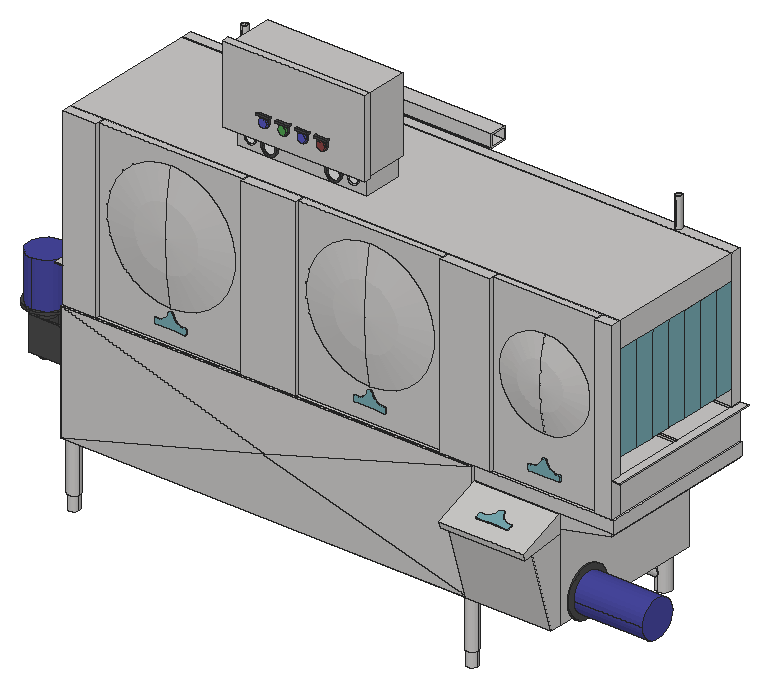
Revit family (continued)
Lines and regions (in)
  symbolic lines, visible <- "Standard Doors"
    curve 44: line (68.89022, -72.65916, 0) -> (85.14022, -72.65916, 0)
    curve 48: line (61.07772, -72.65916, 0) -> (38.57772, -72.65916, 0)
    curve 52: line (7.57772, -72.65916, 0) -> (30.07772, -72.65916, 0)
  symbolic lines, visible <- "Swing Doors"
    curve 53: line (28.26522, -73.15916, 55.5) -> (28.26522, -74.28416, 55.5)
    curve 54: line (29.01522, -73.15916, 55.5) -> (29.01522, -74.28416, 55.5)
    curve 55: arc (29.01522, -74.28416, 55.5) -> (28.64022, -74.65916, 55.5) -> (28.26522, -74.28416, 55.5) r 0.375
    curve 56: line (39.64022, -73.15916, 55.5) -> (39.64022, -74.28416, 55.5)
    curve 57: line (40.39022, -73.15916, 55.5) -> (40.39022, -74.28416, 55.5)
    curve 58: arc (40.39022, -74.28416, 55.5) -> (40.01522, -74.65916, 55.5) -> (39.64022, -74.28416, 55.5) r 0.375
    curve 59: line (69.95272, -73.15916, 55.5) -> (69.95272, -74.28416, 55.5)
    curve 60: line (70.70272, -73.15916, 55.5) -> (70.70272, -74.28416, 55.5)
    curve 61: arc (70.70272, -74.28416, 55.5) -> (70.32772, -74.65916, 55.5) -> (69.95272, -74.28416, 55.5) r 0.375
  symbolic lines, style "QF_Clearances", visible <- "Swing Doors", detail levels coarse
    curve 62: line (7.57772, -95.65916, 55.5) -> (7.57772, -73.15916, 55.5)
    curve 63: arc (7.57772, -95.65916, 55.5) -> (23.48762, -89.06906, 55.5) -> (30.07772, -73.15916, 55.5) r 22.5
    curve 64: line (61.07772, -95.65916, 55.5) -> (61.07772, -73.15916, 55.5)
    curve 65: arc (61.07772, -95.65916, 55.5) -> (45.16782, -89.06906, 55.5) -> (38.57772, -73.15916, 55.5) r 22.5
    curve 66: line (85.14022, -89.40916, 55.5) -> (85.14022, -73.15916, 55.5)
    curve 67: arc (85.14022, -89.40916, 55.5) -> (73.64973, -84.64964, 55.5) -> (68.89022, -73.15916, 55.5) r 16.25
  symbolic lines, style "QF_Surface Details"
    curve 68: line (54.36679, -55.13843, 52.4375) -> (25.36679, -55.13843, 52.4375)
    curve 69: line (25.36679, -55.13843, 52.4375) -> (29.86679, -52.64404, 52.4375)
    curve 70: line (25.36679, -55.13843, 52.4375) -> (29.86679, -57.63282, 52.4375)
Dimensions and locks (in)
  "Depth": plane 6 "FRONT" to plane 3 "BACK"
  locked: plane 2 "LEFT" to plane 7 "Left of Top" at 0.25
  locked: plane 8 "Right of Top" to plane 5 "Right of Main Body" at 0.25
  locked: plane 9 "Left of Ledge" to plane 7 "Left of Top" at 1.5
  locked: plane 12 "Bottom of Machine" to level at 10
  "Table Height": plane 13 "Table Height" to level
  "Machine Height": plane 14 "Top of Machine" to level
  "Total Height": plane 4 "TOP" to level
  locked: plane 16 to plane 12 "Bottom of Machine" at 2
  locked: plane 13 "Table Height" to plane 15 "Panel Top" at 5.5
  locked: plane 6 "FRONT" to plane 17 at 0.5
  locked: plane 3 "BACK" to plane 18 at 0.5
  locked: plane 19 to plane 2 "LEFT" at 0.25
  locked: plane 3 "BACK" to plane 20 at 1.625
  locked: plane 6 "FRONT" to plane 21 at 1.625
  equal spacing: plane 2 "LEFT", plane 22 "Door Center", plane 5 "Right of Main Body"
  "24 Door Opening": plane 23 to plane 24
  locked: plane 14 "Top of Machine" to plane 25 "Top of Opening" at 4
  locked: plane 22 "Door Center" to Blend 10 sketch curve at 0.03125  (x2)
  locked: Extrusion 13 sketch curve to plane 21 at 1.125
  locked: plane 26 to level at 2.25
  plane 19 to Extrusion 14 sketch curve = 0' - 1 1/4"
  plane 18 to Extrusion 14 sketch curve = 0' - 1 1/2"
  locked: plane 18 to Extrusion 15 sketch curve at 1.5
  locked: plane 19 to Extrusion 15 sketch curve at 1.25
  locked: plane 18 to Extrusion 16 sketch curve at 1.5
  locked: plane 18 to Extrusion 17 sketch curve at 1.5
  locked: Extrusion 20 sketch curve to plane 17 at 1.5
  locked: Extrusion 21 sketch curve to plane 17 at 1.5
  locked: Extrusion 18 sketch curve to plane 17 at 1.5
  locked: plane 19 to Extrusion 18 sketch curve at 1.25
  locked: Extrusion 19 sketch curve to plane 17 at 1.5
  locked: plane 19 to Extrusion 19 sketch curve at 1.25
  locked: plane 27 to plane 22 "Door Center" at 10
  locked: plane 27 to plane 28 at 20
  locked: plane 29 to plane 22 "Door Center" at 11
  locked: plane 29 to plane 30 at 22
  plane 31 "Front of Lower Panel" to plane 6 "FRONT" = 0' - 6.65916"
  locked: plane 32 to plane 31 "Front of Lower Panel" at 6
  locked: plane 33 to plane 6 "FRONT" at 6
  locked: plane 34 "Back of Panel" to plane 33 at 7
  locked: plane 33 to plane 35 "Front of Upper Panel" at 1
  locked: plane 29 to plane 36 at 0.5
  locked: plane 37 to plane 30 at 0.5
  locked: Extrusion 27 sketch curve to plane 27 at 5
  locked: Extrusion 27 sketch curve to plane 14 "Top of Machine" at 1.5
  locked: Extrusion 28 sketch curve to plane 27 at 2
  locked: Extrusion 28 sketch curve to plane 14 "Top of Machine" at 1.75
  locked: Extrusion 31 sketch curve to plane 28 at 5
  locked: Extrusion 31 sketch curve to plane 14 "Top of Machine" at 1.5
  locked: Extrusion 32 sketch curve to plane 28 at 2
  locked: Extrusion 32 sketch curve to plane 14 "Top of Machine" at 1.75
  locked: Extrusion 41 sketch curve to plane 15 "Panel Top" at 4.12493
  locked: plane 10 "Left End Cowl" to plane 38 at 0.125
  locked: plane 39 to plane 11 at 3.875
  locked: plane 40 to plane 41 at 24.875
  locked: plane 41 to plane 6 "FRONT" at 0.0625
  plane 42 "Top of Vents" to plane 14 "Top of Machine" = 0' - 4"
  locked: Extrusion 46 sketch curve to plane 3 "BACK" at 0.75
  locked: plane 43 to plane 22 "Door Center" at 14.5
  locked: plane 43 to plane 44 at 29
  locked: plane 46 to plane 14 "Top of Machine" at 2
  locked: plane 45 to plane 3 "BACK" at 3
  Extrusion 49 sketch curve to plane 14 "Top of Machine" = 1' - 1"
  locked: plane 30 to Extrusion 49 sketch curve at 1
  locked: plane 47 to plane 3 "BACK" at 5
  locked: plane 48 to plane 14 "Top of Machine" at 29
  "24 Door Opening": plane 50 to plane 51
  locked: Extrusion 60 sketch curve to plane 3 "BACK" at 0.75
  locked: plane 2 "LEFT" to Extrusion 50 sketch curve at 16.5
  locked: plane 2 "LEFT" to Extrusion 46 sketch curve at 9
  locked: plane 54 to plane 52 at 0.125
  locked: plane 53 to plane 55 at 3.875
  "Width": plane 2 "LEFT" to plane 56 "RIGHT"
  locked: plane 57 to plane 58 at 1.5
  plane 62 "Drain" to plane 3 "BACK" = 0' - 3"
  plane 2 "LEFT" to Extrusion 61 sketch curve = 6' - 4"
  plane 2 "LEFT" to Extrusion 60 sketch curve = 2' - 5"
  Extrusion 100 sketch curve to plane 56 "RIGHT" = 0' - 9"
  locked: plane 5 "Right of Main Body" to plane 56 "RIGHT" at 21.5
  locked: plane 2 "LEFT" to plane 23 at 5.25
  plane 51 to plane 5 "Right of Main Body" = 0' - 5 1/4"
  locked: plane 61 to plane 56 "RIGHT" at 2.6875
  "18 Door Opening": plane 60 to plane 61
  locked: plane 23 to plane 69 at 0.25
  locked: plane 70 to plane 24 at 0.125
  locked: plane 71 to plane 24 at 1.4375
  locked: plane 50 to plane 65 at 0.125
  locked: plane 50 to plane 67 at 1.4375
  locked: plane 63 to plane 51 at 0.25
  locked: plane 60 to plane 66 at 0.125
  locked: plane 60 to plane 68 at 1.4375
  locked: plane 64 to plane 61 at 0.25
  locked: plane 55 to plane 54 at 2.9375
  locked: plane 56 "RIGHT" to plane 52 at 10
  locked: plane 38 to plane 39 at 2.9375
  plane 10 "Left End Cowl" to plane 2 "LEFT" = 0' - 10"
  aligned and locked: level to plane 1
  aligned and locked: Extrusion 1 sketch curve to plane 18
  aligned and locked: Extrusion 1 sketch curve to plane 19
  aligned: Extrusion 1 to plane 12 "Bottom of Machine"
  aligned: plane 16 to Extrusion 1
  aligned and locked: plane 2 "LEFT" to Extrusion 2 sketch curve
  aligned and locked: Extrusion 2 sketch curve to plane 5 "Right of Main Body"
  aligned and locked: plane 6 "FRONT" to Extrusion 2 sketch curve
  aligned and locked: plane 3 "BACK" to Extrusion 2 sketch curve
  aligned and locked: plane 15 "Panel Top" to Extrusion 2
  aligned and locked: Extrusion 2 to plane 16
  aligned and locked: plane 2 "LEFT" to Extrusion 3 sketch curve
  aligned and locked: Extrusion 3 sketch curve to plane 6 "FRONT"
  aligned and locked: Extrusion 3 sketch curve to plane 9 "Left of Ledge"
  aligned and locked: Extrusion 3 sketch curve to plane 3 "BACK"
  aligned: plane 5 "Right of Main Body" to Extrusion 4 sketch curve
  aligned and locked: plane 6 "FRONT" to Extrusion 4 sketch curve
  aligned and locked: plane 3 "BACK" to Extrusion 4 sketch curve
  aligned and locked: plane 3 "BACK" to Extrusion 5 sketch curve
  aligned and locked: Extrusion 5 sketch curve to plane 21
  aligned and locked: Extrusion 5 to plane 15 "Panel Top"
  aligned and locked: plane 3 "BACK" to Extrusion 6 sketch curve
  aligned and locked: plane 20 to Extrusion 6 sketch curve
  aligned and locked: plane 2 "LEFT" to Extrusion 7 sketch curve
  aligned and locked: Extrusion 7 sketch curve to plane 21
  aligned and locked: Extrusion 7 sketch curve to plane 20
  aligned and locked: plane 3 "BACK" to Extrusion 8 sketch curve
  aligned and locked: plane 20 to Extrusion 8 sketch curve
  aligned and locked: plane 2 "LEFT" to Extrusion 8 sketch curve
  aligned and locked: Extrusion 8 to plane 13 "Table Height"
  aligned and locked: Extrusion 7 to plane 25 "Top of Opening"
  aligned and locked: Extrusion 9 sketch curve to plane 23
  aligned and locked: plane 2 "LEFT" to Extrusion 9 sketch curve
  aligned and locked: plane 15 "Panel Top" to Extrusion 9 sketch curve
  aligned and locked: Extrusion 9 to plane 21
  aligned and locked: Extrusion 9 sketch curve to plane 14 "Top of Machine"
  aligned and locked: plane 2 "LEFT" to Blend 10 sketch curve
  aligned and locked: plane 12 "Bottom of Machine" to Blend 10 sketch curve
  aligned and locked: Blend 10 sketch curve to plane 15 "Panel Top"
  aligned and locked: Blend 10 sketch curve to plane 5 "Right of Main Body"
  aligned and locked: plane 6 "FRONT" to Extrusion 1 sketch curve
  aligned and locked: plane 2 "LEFT" to Extrusion 11 sketch curve
  aligned and locked: Extrusion 11 sketch curve to plane 6 "FRONT"
  aligned: plane 17 to Extrusion 11 sketch curve
  aligned and locked: Extrusion 11 sketch curve to plane 5 "Right of Main Body"
  aligned: Extrusion 11 to plane 12 "Bottom of Machine"
  aligned: plane 15 "Panel Top" to Extrusion 11
  aligned and locked: Extrusion 12 sketch curve to plane 14 "Top of Machine"
  aligned and locked: plane 15 "Panel Top" to Extrusion 12 sketch curve
  aligned and locked: Extrusion 12 to plane 21
  aligned and locked: Extrusion 13 sketch curve to plane 24
  aligned and locked: plane 21 to Extrusion 13 sketch curve
  aligned and locked: plane 23 to Extrusion 13 sketch curve
  aligned and locked: Extrusion 13 to plane 15 "Panel Top"
  aligned and locked: plane 26 to Extrusion 14
  aligned and locked: Extrusion 15 to plane 26
  aligned and locked: plane 12 "Bottom of Machine" to Extrusion 15
  aligned and locked: plane 21 to Extrusion 22 sketch curve
  aligned: plane 5 "Right of Main Body" to Extrusion 22 sketch curve  (x7)
  aligned and locked: plane 20 to Extrusion 22 sketch curve
  aligned and locked: plane 2 "LEFT" to Extrusion 23 sketch curve  (x7)
  aligned and locked: Extrusion 23 sketch curve to plane 20
  aligned and locked: Extrusion 23 sketch curve to plane 21
  aligned and locked: Extrusion 24 sketch curve to plane 32
  aligned and locked: plane 31 "Front of Lower Panel" to Extrusion 24 sketch curve
  aligned and locked: plane 27 to Extrusion 24 sketch curve
  aligned and locked: plane 28 to Extrusion 24 sketch curve
  aligned and locked: Extrusion 25 sketch curve to plane 34 "Back of Panel"
  aligned and locked: plane 33 to Extrusion 25 sketch curve
  aligned and locked: plane 36 to Extrusion 25 sketch curve
  aligned and locked: Extrusion 25 sketch curve to plane 37
  aligned and locked: Extrusion 26 sketch curve to plane 33
  aligned and locked: plane 35 "Front of Upper Panel" to Extrusion 26 sketch curve
  aligned and locked: plane 29 to Extrusion 26 sketch curve
  aligned and locked: Extrusion 26 sketch curve to plane 30
  aligned and locked: Extrusion 29 sketch curve to Extrusion 28  (x2)
  aligned and locked: Extrusion 30 sketch curve to Extrusion 27  (x2)
  aligned and locked: Extrusion 33 sketch curve to Extrusion 32  (x2)
  aligned and locked: Extrusion 34 sketch curve to Extrusion 31  (x2)
  aligned and locked: Extrusion 42 sketch curve to plane 3 "BACK"
  aligned and locked: plane 14 "Top of Machine" to Extrusion 42 sketch curve
  aligned and locked: Extrusion 42 sketch curve to plane 20
  aligned and locked: plane 6 "FRONT" to Extrusion 42 sketch curve
  aligned and locked: Extrusion 42 sketch curve to plane 21
  aligned and locked: Extrusion 42 to plane 38
  aligned and locked: plane 38 to Extrusion 43
  aligned and locked: Extrusion 44 sketch curve to plane 40
  aligned and locked: plane 39 to Extrusion 44 sketch curve
  aligned and locked: Extrusion 44 sketch curve to plane 11
  aligned and locked: plane 41 to Extrusion 44 sketch curve
  aligned and locked: plane 42 "Top of Vents" to Extrusion 44
  aligned and locked: Extrusion 45 sketch curve to Extrusion 44  (x4)
  aligned and locked: Extrusion 47 to plane 43
  aligned and locked: Extrusion 47 to plane 44
  aligned and locked: Extrusion 48 to plane 44
  aligned and locked: Extrusion 48 to plane 43
  aligned and locked: plane 2 "LEFT" to curve 2
  aligned and locked: plane 3 "BACK" to curve 1
  aligned and locked: plane 6 "FRONT" to curve 3
  aligned and locked: curve 6 to plane 10 "Left End Cowl"
  aligned and locked: curve 7 to plane 6 "FRONT"
  aligned and locked: plane 43 to curve 8
  aligned and locked: plane 44 to curve 10
  aligned and locked: curve 9 to plane 45
  aligned and locked: curve 13 to plane 34 "Back of Panel"
  aligned and locked: plane 33 to curve 15
  aligned and locked: plane 36 to curve 14
  aligned and locked: curve 16 to plane 37
  aligned and locked: plane 29 to curve 20
  aligned and locked: plane 35 "Front of Upper Panel" to curve 19
  aligned and locked: curve 18 to plane 30
  aligned and locked: curve 22 to plane 40
  aligned and locked: curve 25 to plane 11
  aligned and locked: plane 39 to curve 23
  aligned and locked: plane 41 to curve 24
  aligned and locked: Extrusion 51 sketch curve to plane 18  (x2)
  aligned and locked: plane 47 to Extrusion 51 sketch curve
  aligned and locked: plane 44 to Extrusion 51 sketch curve
  aligned and locked: Extrusion 51 sketch curve to plane 45
  aligned and locked: plane 43 to Extrusion 51 sketch curve
  aligned: plane 42 "Top of Vents" to Extrusion 51
  aligned: plane 4 "TOP" to Extrusion 51
  aligned and locked: plane 14 "Top of Machine" to Extrusion 52 sketch curve
  aligned and locked: Extrusion 52 sketch curve to plane 24
  aligned and locked: plane 23 to Extrusion 52 sketch curve
  aligned and locked: Extrusion 52 sketch curve to plane 48
  aligned and locked: Extrusion 52 to plane 21
  aligned and locked: Extrusion 51 sketch curve to plane 9 "Left of Ledge"
  aligned and locked: plane 10 "Left End Cowl" to Extrusion 53 sketch curve
  aligned and locked: plane 18 to Extrusion 53 sketch curve
  aligned and locked: Extrusion 53 sketch curve to plane 9 "Left of Ledge"
  aligned and locked: Extrusion 53 sketch curve to plane 47
  aligned and locked: plane 4 "TOP" to Extrusion 53
  aligned and locked: plane 10 "Left End Cowl" to curve 26
  aligned and locked: Extrusion 55 sketch curve to plane 51
  aligned and locked: plane 50 to Extrusion 55 sketch curve
  aligned and locked: Extrusion 57 sketch curve to plane 51
  aligned and locked: plane 50 to Extrusion 57 sketch curve
  aligned and locked: plane 51 to Extrusion 12 sketch curve
  aligned and locked: plane 24 to Extrusion 59 sketch curve
  aligned and locked: Extrusion 59 sketch curve to plane 50
  aligned and locked: Extrusion 59 sketch curve to plane 14 "Top of Machine"
  aligned and locked: plane 15 "Panel Top" to Extrusion 59 sketch curve
  aligned and locked: Extrusion 59 to plane 21
  aligned and locked: Extrusion 59 to plane 6 "FRONT"
  aligned and locked: Extrusion 62 sketch curve to Extrusion 50  (x2)
  aligned and locked: Extrusion 63 sketch curve to Extrusion 61  (x2)
  aligned and locked: Extrusion 67 sketch curve to Extrusion 65
  aligned and locked: Blend 68 sketch curve to Extrusion 67  (x2)
  aligned and locked: Extrusion 77 sketch curve to Extrusion 75  (x2)
  aligned and locked: Extrusion 82 to plane 54
  aligned and locked: plane 54 to Extrusion 81
  aligned and locked: Extrusion 83 sketch curve to plane 53
  aligned and locked: plane 55 to Extrusion 83 sketch curve
  aligned and locked: plane 53 to nested 2
  aligned and locked: plane 55 to nested 2
  aligned and locked: curve 30 to plane 52
  aligned and locked: curve 35 to plane 55
  aligned and locked: plane 53 to curve 33
  aligned and locked: Extrusion 84 sketch curve to plane 52
  aligned and locked: curve 37 to plane 52
  aligned and locked: Extrusion 6 sketch curve to plane 56 "RIGHT"  (x2)
  aligned and locked: Extrusion 5 sketch curve to plane 56 "RIGHT"
  aligned and locked: Extrusion 12 sketch curve to plane 60
  aligned and locked: plane 2 "LEFT" to Extrusion 5 sketch curve
  aligned and locked: plane 2 "LEFT" to Extrusion 6 sketch curve  (x2)
  aligned and locked: Extrusion 7 sketch curve to plane 56 "RIGHT"
  aligned and locked: Extrusion 8 sketch curve to plane 56 "RIGHT"
  aligned and locked: plane 3 "BACK" to Extrusion 85 sketch curve
  aligned and locked: plane 21 to Extrusion 110 sketch curve
  aligned and locked: plane 69 to Extrusion 110 sketch curve
  aligned and locked: plane 6 "FRONT" to Extrusion 110 sketch curve
  aligned and locked: Extrusion 110 sketch curve to plane 70
  aligned and locked: plane 21 to Extrusion 111 sketch curve
  aligned and locked: plane 6 "FRONT" to Extrusion 111 sketch curve
  aligned and locked: Extrusion 111 sketch curve to plane 63
  aligned and locked: plane 65 to Extrusion 111 sketch curve
  aligned and locked: plane 21 to Extrusion 112 sketch curve
  aligned and locked: plane 6 "FRONT" to Extrusion 112 sketch curve
  aligned and locked: Extrusion 112 sketch curve to plane 64
  aligned and locked: plane 66 to Extrusion 112 sketch curve
  aligned and locked: Extrusion 110 to plane 15 "Panel Top"
  aligned and locked: Extrusion 111 to plane 15 "Panel Top"
  aligned and locked: Extrusion 112 to plane 15 "Panel Top"
  aligned and locked: plane 23 to curve 62
  aligned and locked: plane 51 to curve 64
  aligned and locked: plane 61 to curve 66
  aligned and locked: plane 2 "LEFT" to cut or joined group of Extrusion 42, Extrusion 45
  aligned and locked: plane 58 to Extrusion 84
Automatic sketch dimensions
  Extrusion 35 sketch curve to Extrusion 35 sketch curve = 0' - 1"  (x3)
  Extrusion 35 sketch curve to Extrusion 35 sketch curve = 0' - 2"  (x4)
  Extrusion 35 sketch curve to Extrusion 35 sketch curve = 0' - 0 1/4"  (x5)
  Extrusion 35 sketch curve to Extrusion 35 sketch curve = 0' - 0"  (x2)
  Extrusion 40 sketch curve to Extrusion 40 sketch curve = 0' - 1 1/2"  (x3)
  Extrusion 40 sketch curve to Extrusion 40 sketch curve = 0' - 0 3/4"  (x4)
  Extrusion 40 sketch curve to Extrusion 40 sketch curve = 0' - 0"  (x3)
  Extrusion 40 sketch curve to Extrusion 40 sketch curve = 0' - 0 7/8"  (x4)
  Extrusion 92 sketch curve to Extrusion 92 sketch curve = 0' - 0.24812"
  Extrusion 92 sketch curve to Extrusion 92 sketch curve = 0' - 2 11/16"
  Extrusion 92 sketch curve to Extrusion 92 sketch curve = 0' - 1.04649"
  Extrusion 93 sketch curve to Extrusion 93 sketch curve = 0' - 0.25142"  (x2)
  Extrusion 93 sketch curve to Extrusion 93 sketch curve = 0' - 0.25483"
  Extrusion 93 sketch curve to Extrusion 93 sketch curve = 0' - 0.30345"
  Extrusion 93 sketch curve to Extrusion 93 sketch curve = 0' - 1.63184"  (x2)
  Extrusion 93 sketch curve to Extrusion 93 sketch curve = 0' - 1.52338"
  Extrusion 93 sketch curve to Extrusion 93 sketch curve = 0' - 0.41934"
  Extrusion 93 sketch curve to Extrusion 93 sketch curve = 0' - 0.42496"
  Extrusion 93 sketch curve to Extrusion 93 sketch curve = 0' - 0"  (x2)
  Extrusion 93 sketch curve to Extrusion 93 sketch curve = 0' - 1.22253"
  Extrusion 93 sketch curve to Extrusion 93 sketch curve = 0' - 1.51845"
  Extrusion 93 sketch curve to Extrusion 93 sketch curve = 0' - 0.00341"
  Extrusion 93 sketch curve to Extrusion 93 sketch curve = 0' - 0.34808"
  Extrusion 93 sketch curve to Extrusion 93 sketch curve = 0' - 0.48493"  (x2)
  Extrusion 93 sketch curve to Extrusion 93 sketch curve = 0' - 0.08323"
  Extrusion 93 sketch curve to Extrusion 93 sketch curve = 0' - 11.98442"
  Extrusion 91 sketch curve to Extrusion 91 sketch curve = 0' - 3.69119"
  Extrusion 91 sketch curve to Extrusion 91 sketch curve = 0' - 5.50369"
  Extrusion 91 sketch curve to Extrusion 91 sketch curve = 0' - 0.73915"
  Extrusion 91 sketch curve to Extrusion 91 sketch curve = 1' - 0 13/16"
  Extrusion 92 sketch curve to Extrusion 92 sketch curve = 0' - 6.75188"
  Extrusion 92 sketch curve to Extrusion 92 sketch curve = 0' - 0.13971"
  Extrusion 93 sketch curve to Extrusion 93 sketch curve = 0' - 0.61126"
  Extrusion 102 sketch curve to Extrusion 102 sketch curve = 0' - 0.24812"
  Extrusion 102 sketch curve to Extrusion 102 sketch curve = 0' - 2 11/16"
  Extrusion 102 sketch curve to Extrusion 102 sketch curve = 0' - 1.04649"
  Extrusion 103 sketch curve to Extrusion 103 sketch curve = 0' - 0.25142"  (x2)
  Extrusion 103 sketch curve to Extrusion 103 sketch curve = 0' - 0.25483"
  Extrusion 103 sketch curve to Extrusion 103 sketch curve = 0' - 0.30345"
  Extrusion 103 sketch curve to Extrusion 103 sketch curve = 0' - 1.63184"  (x2)
  Extrusion 103 sketch curve to Extrusion 103 sketch curve = 0' - 1.52338"
  Extrusion 103 sketch curve to Extrusion 103 sketch curve = 0' - 0.41934"
  Extrusion 103 sketch curve to Extrusion 103 sketch curve = 0' - 0.42496"
  Extrusion 103 sketch curve to Extrusion 103 sketch curve = 0' - 0"  (x2)
  Extrusion 103 sketch curve to Extrusion 103 sketch curve = 0' - 1.22253"
  Extrusion 103 sketch curve to Extrusion 103 sketch curve = 0' - 1.51845"
  Extrusion 103 sketch curve to Extrusion 103 sketch curve = 0' - 0.00341"
  Extrusion 103 sketch curve to Extrusion 103 sketch curve = 0' - 0.34808"
  Extrusion 103 sketch curve to Extrusion 103 sketch curve = 0' - 0.48493"  (x2)
  Extrusion 103 sketch curve to Extrusion 103 sketch curve = 0' - 0.08323"
  Extrusion 103 sketch curve to Extrusion 103 sketch curve = 0' - 11.98442"
  Extrusion 101 sketch curve to Extrusion 101 sketch curve = 0' - 3.69119"
  Extrusion 101 sketch curve to Extrusion 101 sketch curve = 0' - 5.50369"
  Extrusion 101 sketch curve to Extrusion 101 sketch curve = 0' - 0.73915"
  Extrusion 101 sketch curve to Extrusion 101 sketch curve = 1' - 0 13/16"
  Extrusion 102 sketch curve to Extrusion 102 sketch curve = 0' - 6.75188"
  Extrusion 102 sketch curve to Extrusion 102 sketch curve = 0' - 0.13971"
  Extrusion 103 sketch curve to Extrusion 103 sketch curve = 0' - 0.61126"
  Extrusion 104 sketch curve to Extrusion 104 sketch curve = 0' - 1"  (x3)
  Extrusion 104 sketch curve to Extrusion 104 sketch curve = 0' - 2"  (x4)
  Extrusion 104 sketch curve to Extrusion 104 sketch curve = 0' - 0 1/4"  (x5)
  Extrusion 104 sketch curve to Extrusion 104 sketch curve = 0' - 0"  (x2)
  Extrusion 109 sketch curve to Extrusion 109 sketch curve = 0' - 1 1/2"  (x3)
  Extrusion 109 sketch curve to Extrusion 109 sketch curve = 0' - 0 3/4"  (x4)
  Extrusion 109 sketch curve to Extrusion 109 sketch curve = 0' - 0"  (x3)
  Extrusion 109 sketch curve to Extrusion 109 sketch curve = 0' - 0 7/8"  (x4)
  plane 5 "Right of Main Body" to Extrusion 1 sketch curve = 0' - 0 1/4"
  Extrusion 4 sketch curve to plane 58 = 0' - 0"
  Extrusion 4 sketch curve to plane 56 "RIGHT" = 0' - 0"
  Extrusion 6 sketch curve to plane 34 "Back of Panel" = 0' - 0.09084"
  Extrusion 6 sketch curve to plane 32 = 0' - 0 1/4"
  plane 17 to Extrusion 11 sketch curve = 0' - 0.15916"
  Extrusion 16 sketch curve to plane 8 "Right of Top" = 0' - 0 3/4"
  Extrusion 17 sketch curve to plane 8 "Right of Top" = 0' - 0 3/4"
  plane 8 "Right of Top" to Extrusion 20 sketch curve = 0' - 0 3/4"
  plane 8 "Right of Top" to Extrusion 21 sketch curve = 0' - 0 3/4"
  Extrusion 22 sketch curve to plane 56 "RIGHT" = 0' - 0"  (x7)
  Extrusion 22 sketch curve to plane 35 "Front of Upper Panel" = 0' - 0 3/8"
  Extrusion 22 sketch curve to Extrusion 22 sketch curve = 0' - 0 1/8"  (x6)
  plane 31 "Front of Lower Panel" to Extrusion 22 sketch curve = 0' - 1 1/4"
  Extrusion 22 sketch curve to plane 32 = 0' - 1 5/8"
  Extrusion 22 sketch curve to plane 56 "RIGHT" = 0' - 0 1/8"  (x7)
  plane 34 "Back of Panel" to Extrusion 22 sketch curve = 0' - 1"
  Extrusion 22 sketch curve to Extrusion 22 sketch curve = 0' - 3"
  Extrusion 22 sketch curve to plane 62 "Drain" = 0' - 1 3/4"
  plane 35 "Front of Upper Panel" to Extrusion 23 sketch curve = 0' - 0 3/8"
  Extrusion 23 sketch curve to Extrusion 23 sketch curve = 0' - 0 1/8"  (x6)
  Extrusion 23 sketch curve to plane 31 "Front of Lower Panel" = 0' - 1 1/4"
  plane 32 to Extrusion 23 sketch curve = 0' - 1 5/8"
  Extrusion 23 sketch curve to plane 2 "LEFT" = 0' - 0 1/8"  (x7)
  Extrusion 23 sketch curve to plane 34 "Back of Panel" = 0' - 1"
  Extrusion 23 sketch curve to Extrusion 23 sketch curve = 0' - 3"
  plane 62 "Drain" to Extrusion 23 sketch curve = 0' - 1 3/4"
  Extrusion 27 sketch curve to Extrusion 27 sketch curve = 0' - 0"  (x2)
  Extrusion 28 sketch curve to Extrusion 28 sketch curve = 0' - 0"  (x2)
  Extrusion 31 sketch curve to Extrusion 31 sketch curve = 0' - 0"  (x2)
  Extrusion 32 sketch curve to Extrusion 32 sketch curve = 0' - 0"  (x2)
  plane 41 to Extrusion 44 sketch curve = 0' - 0 1/8"
  Extrusion 44 sketch curve to plane 40 = 0' - 0 1/8"
  Extrusion 44 sketch curve to plane 11 = 0' - 0 1/8"
  plane 39 to Extrusion 44 sketch curve = 0' - 0 1/8"
  Extrusion 46 sketch curve to Extrusion 46 sketch curve = 0' - 0"  (x2)
  Extrusion 47 sketch curve to plane 46 = 0' - 0"
  Extrusion 47 sketch curve to plane 14 "Top of Machine" = 0' - 0"
  Extrusion 47 sketch curve to plane 45 = 0' - 0"
  Extrusion 47 sketch curve to plane 45 = 0' - 0 1/8"
  Extrusion 47 sketch curve to plane 18 = 0' - 0 1/8"
  Extrusion 47 sketch curve to Extrusion 47 sketch curve = 0' - 0 1/8"
  plane 14 "Top of Machine" to Extrusion 47 sketch curve = 0' - 0 1/8"
  Extrusion 47 sketch curve to plane 46 = 0' - 0 1/8"
  Extrusion 48 sketch curve to plane 3 "BACK" = 0' - 0"
  Extrusion 48 sketch curve to plane 14 "Top of Machine" = 0' - 0"
  Extrusion 48 sketch curve to plane 3 "BACK" = 0' - 0 1/4"
  Extrusion 48 sketch curve to Extrusion 48 sketch curve = 0' - 0 1/8"
  Extrusion 50 sketch curve to Extrusion 50 sketch curve = 0' - 0"  (x2)
  Extrusion 50 sketch curve to plane 62 "Drain" = 0' - 0"
  Extrusion 51 sketch curve to plane 58 = 0' - 0"
  Extrusion 57 sketch curve to plane 14 "Top of Machine" = 0' - 0"
  Extrusion 57 sketch curve to plane 48 = 0' - 0"
  Extrusion 60 sketch curve to Extrusion 60 sketch curve = 0' - 0"  (x2)
  Extrusion 61 sketch curve to Extrusion 61 sketch curve = 0' - 0"  (x2)
  Extrusion 61 sketch curve to plane 62 "Drain" = 0' - 0"
  Extrusion 66 sketch curve to plane 35 "Front of Upper Panel" = 0' - 0 3/16"
  plane 39 to Extrusion 66 sketch curve = 0' - 0 11/16"
  Blend 68 sketch curve to plane 35 "Front of Upper Panel" = 0' - 0 3/16"
  plane 39 to Blend 68 sketch curve = 0' - 0 11/16"
  Extrusion 69 sketch curve to plane 35 "Front of Upper Panel" = 0' - 0 3/16"
  plane 39 to Extrusion 69 sketch curve = 0' - 0 11/16"
  Extrusion 70 sketch curve to plane 35 "Front of Upper Panel" = 0' - 0 3/16"
  plane 39 to Extrusion 70 sketch curve = 0' - 0 11/16"
  Blend 78 sketch curve to plane 9 "Left of Ledge" = 0' - 0 5/16"
  Blend 78 sketch curve to plane 32 = 0' - 2 1/4"
  plane 34 "Back of Panel" to Blend 78 sketch curve = 0' - 1 3/4"
  plane 39 to Blend 78 sketch curve = 0' - 0 1/4"
  plane 11 to Blend 78 sketch curve = 0' - 0 1/4"
  Blend 78 sketch curve to plane 32 = 0' - 1 1/4"
  plane 34 "Back of Panel" to Blend 78 sketch curve = 0' - 0 3/4"
  plane 39 to Blend 78 sketch curve = 0' - 1 1/4"
  Blend 79 sketch curve to plane 39 = 0' - 0 1/2"
  plane 31 "Front of Lower Panel" to Blend 79 sketch curve = 0' - 3"
  plane 34 "Back of Panel" to Blend 79 sketch curve = 0' - 2 1/2"
  plane 9 "Left of Ledge" to Blend 79 sketch curve = 0' - 0 7/16"
  Blend 79 sketch curve to plane 9 "Left of Ledge" = 0' - 0 9/16"
  Blend 79 sketch curve to plane 32 = 0' - 2"
  plane 34 "Back of Panel" to Blend 79 sketch curve = 0' - 1 1/2"
  plane 39 to Blend 79 sketch curve = 0' - 0 1/2"
  Extrusion 83 sketch curve to plane 41 = 0' - 0"
  Extrusion 83 sketch curve to plane 40 = 0' - 0"
  Extrusion 83 sketch curve to plane 41 = 0' - 0 1/8"
  plane 40 to Extrusion 83 sketch curve = 0' - 0 1/8"
  Extrusion 83 sketch curve to plane 53 = 0' - 0 1/8"
  plane 55 to Extrusion 83 sketch curve = 0' - 0 1/8"
  Extrusion 84 sketch curve to plane 18 = 0' - 0"
  Extrusion 84 sketch curve to plane 47 = 0' - 0"
  Extrusion 84 sketch curve to plane 58 = 0' - 0"
  Extrusion 89 sketch curve to plane 48 = 0' - 0"
  Extrusion 89 sketch curve to plane 60 = 0' - 0"
  Extrusion 89 sketch curve to plane 14 "Top of Machine" = 0' - 0"
  Extrusion 89 sketch curve to plane 61 = 0' - 0"
  plane 41 to Extrusion 99 sketch curve = 0' - 0 1/8"
  Extrusion 99 sketch curve to plane 40 = 0' - 0 1/8"
  Extrusion 99 sketch curve to plane 55 = 0' - 0 1/8"
  plane 53 to Extrusion 99 sketch curve = 0' - 0 1/8"
  Extrusion 100 sketch curve to Extrusion 100 sketch curve = 0' - 0"  (x2)
  Extrusion 100 sketch curve to plane 40 = 0' - 0 11/16"
  plane 16 to Blend 10 sketch curve = 0' - 7 7/32"
  Blend 10 sketch curve to Blend 10 sketch curve = 0' - 0 1/16"
  Extrusion 41 sketch curve to plane 49 = 0' - 0"
  plane 49 to Extrusion 41 sketch curve = 0' - 0.00035"
  plane 49 to Extrusion 41 sketch curve = 0' - 0.41969"
  Extrusion 41 sketch curve to plane 43 = 0' - 0.38874"
  plane 43 to Extrusion 41 sketch curve = 0' - 0.94306"
  plane 43 to Extrusion 41 sketch curve = 0' - 1.2431"
  Extrusion 41 sketch curve to Extrusion 41 sketch curve = 0' - 0.00341"  (x2)
  Extrusion 41 sketch curve to Extrusion 41 sketch curve = 0' - 0.25142"  (x2)
  Extrusion 41 sketch curve to plane 49 = 0' - 0.42461"
  Extrusion 41 sketch curve to Extrusion 41 sketch curve = 0' - 0"
  Extrusion 41 sketch curve to plane 49 = 0' - 0.61126"
  Extrusion 41 sketch curve to Extrusion 41 sketch curve = 0' - 1.51845"
  Extrusion 41 sketch curve to Extrusion 41 sketch curve = 0' - 1.63184"
  Extrusion 41 sketch curve to plane 13 "Table Height" = 0' - 2.43574"  (x2)
  Extrusion 41 sketch curve to Extrusion 41 sketch curve = 0' - 0.48493"  (x2)
  Extrusion 41 sketch curve to Extrusion 41 sketch curve = 0' - 0.08323"
  plane 16 to Extrusion 41 sketch curve = 0' - 6.6719"
  plane 41 to Extrusion 42 sketch curve = 0' - 0 1/16"
  Extrusion 42 sketch curve to plane 40 = 0' - 0 1/16"
  Extrusion 42 sketch curve to plane 14 "Top of Machine" = 0' - 0 1/8"
  Extrusion 42 sketch curve to plane 25 "Top of Opening" = 0' - 0.88572"
  Extrusion 42 sketch curve to Extrusion 42 sketch curve = 0' - 0.05178"  (x2)
  Extrusion 42 sketch curve to Extrusion 42 sketch curve = 0' - 1 1/2"  (x2)
  Extrusion 42 sketch curve to Extrusion 42 sketch curve = 0' - 0.17678"  (x2)
  plane 13 "Table Height" to Extrusion 42 sketch curve = 0' - 5.17678"
  Extrusion 43 sketch curve to plane 6 "FRONT" = 0' - 0"
  Extrusion 43 sketch curve to plane 21 = 0' - 0"
  Extrusion 43 sketch curve to plane 20 = 0' - 0"
  Extrusion 43 sketch curve to plane 3 "BACK" = 0' - 0"
  Extrusion 43 sketch curve to plane 25 "Top of Opening" = 0' - 0"
  Extrusion 43 sketch curve to plane 14 "Top of Machine" = 0' - 0"
  Extrusion 43 sketch curve to plane 25 "Top of Opening" = 0' - 0 15/16"
  Extrusion 43 sketch curve to Extrusion 43 sketch curve = 0' - 1 5/8"  (x2)
  plane 13 "Table Height" to Extrusion 43 sketch curve = 0' - 5 1/8"
  curve 30 to plane 6 "FRONT" = 0' - 0"
  curve 34 to plane 41 = 0' - 0"
  curve 32 to plane 40 = 0' - 0"
  plane 3 "BACK" to curve 11 = 0' - 0"
  plane 3 "BACK" to curve 29 = 0' - 0"
  curve 12 to plane 58 = 0' - 0"
  curve 31 to plane 56 "RIGHT" = 0' - 0"
  curve 11 to plane 9 "Left of Ledge" = 0' - 0"
  Revolve 54 sketch curve to plane 17 = 0' - 0"
  Revolve 54 sketch curve to Revolve 54 sketch curve = 0' - 10 3/4"
  plane 41 to Revolve 54 sketch curve = 0' - 0 7/16"
  plane 31 "Front of Lower Panel" to Revolve 54 sketch curve = 0' - 2 3/4"
  Revolve 54 sketch curve to plane 25 "Top of Opening" = 0' - 7.74993"
  plane 47 to Revolve 54 sketch curve = 1' - 5.49935"
  Revolve 54 sketch curve to plane 25 "Top of Opening" = 0' - 8"  (x2)
  plane 21 to Extrusion 55 sketch curve = 0' - 0"
  plane 41 to Extrusion 55 sketch curve = 0' - 0 7/16"
  Extrusion 56 sketch curve to plane 44 = 0' - 3.49793"
  Extrusion 56 sketch curve to Extrusion 56 sketch curve = 0' - 0.25142"  (x2)
  Extrusion 56 sketch curve to Extrusion 56 sketch curve = 0' - 0.25483"
  Extrusion 56 sketch curve to Extrusion 56 sketch curve = 0' - 0.30345"
  Extrusion 56 sketch curve to plane 44 = 0' - 1.61126"
  Extrusion 56 sketch curve to plane 44 = 0' - 1.41969"
  Extrusion 56 sketch curve to Extrusion 56 sketch curve = 0' - 0.41934"
  Extrusion 56 sketch curve to plane 44 = 0' - 1"
  Extrusion 56 sketch curve to Extrusion 56 sketch curve = 0' - 0.42496"
  Extrusion 56 sketch curve to Extrusion 56 sketch curve = 0' - 0"
  Extrusion 56 sketch curve to plane 44 = 0' - 0.38874"
  plane 44 to Extrusion 56 sketch curve = 0' - 0.94306"
  plane 44 to Extrusion 56 sketch curve = 0' - 1.2431"
  Extrusion 56 sketch curve to Extrusion 56 sketch curve = 0' - 0.00341"
  plane 16 to Extrusion 56 sketch curve = 0' - 6.6719"
  plane 15 "Panel Top" to Extrusion 56 sketch curve = 0' - 2.07309"  (x2)
  Extrusion 56 sketch curve to Extrusion 56 sketch curve = 0' - 0.08323"
  Extrusion 56 sketch curve to Extrusion 56 sketch curve = 0' - 0.48493"  (x2)
  Extrusion 56 sketch curve to plane 13 "Table Height" = 0' - 1.37507"
  Revolve 58 sketch curve to plane 17 = 0' - 0"
  Revolve 58 sketch curve to Revolve 58 sketch curve = 0' - 10 3/4"
  plane 41 to Revolve 58 sketch curve = 0' - 0 7/16"
  plane 31 "Front of Lower Panel" to Revolve 58 sketch curve = 0' - 2 3/4"
  Revolve 58 sketch curve to plane 25 "Top of Opening" = 0' - 7.74993"
  plane 47 to Revolve 58 sketch curve = 1' - 5.49935"
  Revolve 58 sketch curve to plane 25 "Top of Opening" = 0' - 8"  (x2)
  plane 19 to Extrusion 64 sketch curve = 0' - 0"
  Extrusion 64 sketch curve to plane 2 "LEFT" = 0' - 0"
  Extrusion 64 sketch curve to plane 16 = 0' - 0"
  Extrusion 64 sketch curve to plane 9 "Left of Ledge" = 0' - 0 1/8"
  Extrusion 64 sketch curve to plane 15 "Panel Top" = 0' - 4 9/16"
  plane 12 "Bottom of Machine" to Extrusion 64 sketch curve = 0' - 0 15/16"
  Extrusion 65 sketch curve to plane 21 = 0' - 1 5/8"
  plane 39 to Extrusion 65 sketch curve = 0' - 0 11/16"
  Extrusion 65 sketch curve to plane 35 "Front of Upper Panel" = 0' - 1 1/2"
  Extrusion 65 sketch curve to plane 35 "Front of Upper Panel" = 0' - 0 3/16"
  Extrusion 65 sketch curve to plane 31 "Front of Lower Panel" = 0' - 0 1/8"
  Extrusion 65 sketch curve to Extrusion 65 sketch curve = 0' - 0"
  Extrusion 65 sketch curve to plane 9 "Left of Ledge" = 0' - 0 3/8"
  Extrusion 65 sketch curve to plane 9 "Left of Ledge" = 0' - 0 1/8"
  Extrusion 65 sketch curve to plane 39 = 0' - 0 15/16"
  Extrusion 71 sketch curve to plane 2 "LEFT" = 0' - 0"
  Extrusion 71 sketch curve to plane 11 = 0' - 1 3/16"
  plane 39 to Extrusion 71 sketch curve = 0' - 1 7/16"
  Extrusion 71 sketch curve to plane 13 "Table Height" = 0' - 0 13/16"
  Extrusion 71 sketch curve to Extrusion 71 sketch curve = 0' - 0 3/4"
  Extrusion 71 sketch curve to Extrusion 71 sketch curve = 0' - 1 1/2"
  Extrusion 72 sketch curve to plane 16 = 0' - 0"
  plane 19 to Extrusion 72 sketch curve = 0' - 0"
  Extrusion 72 sketch curve to plane 2 "LEFT" = 0' - 0"
  plane 11 to Extrusion 72 sketch curve = 0' - 0 5/16"
  plane 16 to Extrusion 72 sketch curve = 0' - 0 7/16"
  Extrusion 72 sketch curve to plane 12 "Bottom of Machine" = 0' - 1 9/16"
  Extrusion 73 sketch curve to Extrusion 73 sketch curve = 0' - 0"  (x2)
  plane 12 "Bottom of Machine" to Extrusion 73 sketch curve = 0' - 0 7/16"
  Extrusion 73 sketch curve to plane 11 = 0' - 1 3/16"
  Extrusion 73 sketch curve to plane 11 = 0' - 0 9/16"  (x2)
  Extrusion 73 sketch curve to plane 12 "Bottom of Machine" = 0' - 0 5/16"
  Extrusion 73 sketch curve to plane 11 = 0' - 0 3/16"  (x2)
  plane 11 to Extrusion 73 sketch curve = 0' - 0 1/16"  (x2)
  Extrusion 73 sketch curve to Extrusion 73 sketch curve = 0' - 0 1/4"
  Extrusion 73 sketch curve to plane 16 = 0' - 0 1/8"
  Extrusion 73 sketch curve to Extrusion 73 sketch curve = 0' - 0 5/16"
  Extrusion 74 sketch curve to Extrusion 74 sketch curve = 0' - 0"  (x2)
  plane 12 "Bottom of Machine" to Extrusion 74 sketch curve = 0' - 0 7/16"
  Extrusion 74 sketch curve to plane 11 = 0' - 1 3/16"
  Extrusion 74 sketch curve to plane 11 = 0' - 0 9/16"  (x2)
  Extrusion 74 sketch curve to plane 12 "Bottom of Machine" = 0' - 0 5/16"
  Extrusion 74 sketch curve to plane 11 = 0' - 0 3/16"  (x2)
  plane 11 to Extrusion 74 sketch curve = 0' - 0 1/16"  (x2)
  Extrusion 74 sketch curve to Extrusion 74 sketch curve = 0' - 0 1/4"
  Extrusion 74 sketch curve to plane 16 = 0' - 0 1/8"
  Extrusion 74 sketch curve to Extrusion 74 sketch curve = 0' - 0 5/16"
  Extrusion 75 sketch curve to Extrusion 75 sketch curve = 0' - 0"  (x6)
  plane 15 "Panel Top" to Extrusion 75 sketch curve = 0' - 0 3/16"
  plane 39 to Extrusion 75 sketch curve = 0' - 1 1/4"
  Extrusion 75 sketch curve to plane 11 = 0' - 1.92562"
  Extrusion 75 sketch curve to Extrusion 75 sketch curve = 0' - 0.36312"  (x2)
  Extrusion 75 sketch curve to Extrusion 75 sketch curve = 0' - 0 3/8"
  plane 11 to Extrusion 75 sketch curve = 0' - 0 1/4"
  Extrusion 75 sketch curve to plane 13 "Table Height" = 0' - 1 9/16"
  Extrusion 75 sketch curve to Extrusion 75 sketch curve = 0' - 0.13295"
  Extrusion 76 sketch curve to Extrusion 76 sketch curve = 0' - 0"  (x6)
  plane 15 "Panel Top" to Extrusion 76 sketch curve = 0' - 0 3/16"
  plane 39 to Extrusion 76 sketch curve = 0' - 1 1/4"
  Extrusion 76 sketch curve to plane 11 = 0' - 1.92562"
  Extrusion 76 sketch curve to Extrusion 76 sketch curve = 0' - 0.36312"  (x2)
  Extrusion 76 sketch curve to Extrusion 76 sketch curve = 0' - 0 3/8"
  plane 11 to Extrusion 76 sketch curve = 0' - 0 1/4"
  Extrusion 76 sketch curve to plane 13 "Table Height" = 0' - 1 9/16"
  Extrusion 76 sketch curve to Extrusion 76 sketch curve = 0' - 0.13295"
  Extrusion 80 sketch curve to Extrusion 80 sketch curve = 0' - 0"  (x2)
  plane 12 "Bottom of Machine" to Extrusion 80 sketch curve = 0' - 0 7/16"
  Extrusion 80 sketch curve to plane 11 = 0' - 1 11/16"
  Extrusion 80 sketch curve to Extrusion 80 sketch curve = 0' - 0 1/2"
  Extrusion 81 sketch curve to plane 3 "BACK" = 0' - 0"
  Extrusion 81 sketch curve to plane 20 = 0' - 0"
  Extrusion 81 sketch curve to plane 21 = 0' - 0"
  Extrusion 81 sketch curve to plane 6 "FRONT" = 0' - 0"
  Extrusion 81 sketch curve to plane 14 "Top of Machine" = 0' - 0"
  Extrusion 81 sketch curve to plane 40 = 0' - 0 1/16"
  plane 41 to Extrusion 81 sketch curve = 0' - 0 1/16"
  Extrusion 81 sketch curve to plane 14 "Top of Machine" = 0' - 0 1/8"
  Extrusion 81 sketch curve to plane 25 "Top of Opening" = 0' - 0.88572"
  Extrusion 81 sketch curve to Extrusion 81 sketch curve = 0' - 0.05178"  (x2)
  Extrusion 81 sketch curve to Extrusion 81 sketch curve = 0' - 1 1/2"  (x2)
  Extrusion 81 sketch curve to Extrusion 81 sketch curve = 0' - 0.17678"  (x2)
  plane 13 "Table Height" to Extrusion 81 sketch curve = 0' - 5.17678"
  Extrusion 82 sketch curve to plane 6 "FRONT" = 0' - 0"
  Extrusion 82 sketch curve to plane 21 = 0' - 0"
  Extrusion 82 sketch curve to plane 20 = 0' - 0"
  Extrusion 82 sketch curve to plane 3 "BACK" = 0' - 0"
  Extrusion 82 sketch curve to plane 25 "Top of Opening" = 0' - 0"
  Extrusion 82 sketch curve to plane 14 "Top of Machine" = 0' - 0"
  Extrusion 82 sketch curve to plane 25 "Top of Opening" = 0' - 0 15/16"
  Extrusion 82 sketch curve to Extrusion 82 sketch curve = 0' - 1 5/8"  (x2)
  plane 13 "Table Height" to Extrusion 82 sketch curve = 0' - 5 1/8"
  Extrusion 85 sketch curve to plane 5 "Right of Main Body" = 0' - 0"
  Extrusion 85 sketch curve to plane 6 "FRONT" = 0' - 0"
  Extrusion 85 sketch curve to plane 59 = 0' - 0"
  Extrusion 86 sketch curve to plane 61 = 0' - 0"
  Extrusion 86 sketch curve to plane 60 = 0' - 0"
  plane 21 to Extrusion 86 sketch curve = 0' - 0"
  Extrusion 86 sketch curve to plane 41 = 0' - 0 7/16"
  Revolve 87 sketch curve to plane 17 = 0' - 10 13/16"
  Revolve 87 sketch curve to plane 17 = 0' - 0 1/16"
  plane 41 to Revolve 87 sketch curve = 0' - 0 3/8"
  plane 31 "Front of Lower Panel" to Revolve 87 sketch curve = 0' - 2.52834"
  Revolve 87 sketch curve to plane 18 = 0' - 0.06289"
  Revolve 87 sketch curve to plane 25 "Top of Opening" = 0' - 1"
  Revolve 87 sketch curve to Revolve 87 sketch curve = 0' - 7"
  Revolve 87 sketch curve to plane 25 "Top of Opening" = 0' - 8"
  Extrusion 88 sketch curve to plane 68 = 0' - 4.18957"
  Extrusion 88 sketch curve to Extrusion 88 sketch curve = 0' - 0.25142"  (x2)
  Extrusion 88 sketch curve to Extrusion 88 sketch curve = 0' - 0.25483"
  Extrusion 88 sketch curve to Extrusion 88 sketch curve = 0' - 0.30345"
  Extrusion 88 sketch curve to plane 15 "Panel Top" = 0' - 2.15632"
  Extrusion 88 sketch curve to Extrusion 88 sketch curve = 0' - 1.63184"  (x2)
  Extrusion 88 sketch curve to Extrusion 88 sketch curve = 0' - 1.52338"
  Extrusion 88 sketch curve to Extrusion 88 sketch curve = 0' - 0.41934"
  Extrusion 88 sketch curve to plane 68 = 0' - 6 11/16"
  Extrusion 88 sketch curve to Extrusion 88 sketch curve = 0' - 0.42496"
  Extrusion 88 sketch curve to Extrusion 88 sketch curve = 0' - 0"
  Extrusion 88 sketch curve to Extrusion 88 sketch curve = 0' - 1.22253"
  Extrusion 88 sketch curve to Extrusion 88 sketch curve = 0' - 1.51845"
  Extrusion 88 sketch curve to Extrusion 88 sketch curve = 0' - 0.00341"
  Extrusion 88 sketch curve to Extrusion 88 sketch curve = 0' - 0.08323"  (x2)
  Extrusion 88 sketch curve to plane 16 = 0' - 6.6719"
  Extrusion 88 sketch curve to Extrusion 88 sketch curve = 0' - 0.48493"  (x2)
  plane 13 "Table Height" to Extrusion 88 sketch curve = 0' - 1.37507"
  Extrusion 90 sketch curve to plane 5 "Right of Main Body" = 0' - 0 1/4"
  Extrusion 90 sketch curve to plane 12 "Bottom of Machine" = 0' - 0 15/16"
  plane 64 to Extrusion 90 sketch curve = 0' - 5 1/8"
  plane 15 "Panel Top" to Extrusion 90 sketch curve = 0' - 2"
  Extrusion 94 sketch curve to plane 35 "Front of Upper Panel" = 0' - 0"
  plane 16 to Extrusion 94 sketch curve = 0' - 1 5/8"
  Extrusion 95 sketch curve to plane 35 "Front of Upper Panel" = 0' - 0"
  plane 16 to Extrusion 95 sketch curve = 0' - 1 5/8"
  Extrusion 96 sketch curve to plane 56 "RIGHT" = 0' - 0"
  plane 64 to Extrusion 96 sketch curve = 0' - 5 1/8"
  plane 15 "Panel Top" to Extrusion 96 sketch curve = 0' - 4.14051"
  plane 15 "Panel Top" to Extrusion 96 sketch curve = 0' - 2 3/8"
  plane 15 "Panel Top" to Extrusion 96 sketch curve = 0' - 2"
  Sweep 97 sketch curve to plane 49 = 0' - 0"
  plane 12 "Bottom of Machine" to Sweep 97 sketch curve = 0' - 1 1/2"
  plane 64 to Sweep 97 sketch curve = 0' - 6 9/16"
  Sweep 97 sketch curve to Sweep 97 sketch curve = 0' - 0"  (x2)
  Sweep 97 sketch curve to profile plane = 0' - 0"  (x2)
  Extrusion 98 sketch curve to plane 14 "Top of Machine" = 0' - 0"
  Extrusion 98 sketch curve to plane 61 = 0' - 0"
  Extrusion 98 sketch curve to plane 15 "Panel Top" = 0' - 0"
  Extrusion 98 sketch curve to plane 56 "RIGHT" = 0' - 0"
  Extrusion 113 sketch curve to plane 23 = 0' - 0"
  Extrusion 113 sketch curve to plane 6 "FRONT" = 0' - 0 1/4"
  Extrusion 114 sketch curve to plane 23 = 0' - 0"
  Extrusion 114 sketch curve to plane 6 "FRONT" = 0' - 0 1/4"
  Sweep 115 sketch curve to plane 6 "FRONT" = 0' - 0"  (x2)
  Sweep 115 sketch curve to plane 17 = 0' - 0 1/8"  (x2)
  Sweep 115 sketch curve to Sweep 115 sketch curve = 0' - 0 1/2"
  plane 13 "Table Height" to Sweep 115 sketch curve = 0' - 3 13/16"
  Sweep 115 sketch curve to plane 25 "Top of Opening" = 0' - 4 15/16"
  Sweep 115 sketch curve to plane 71 = 0' - 0"
  Sweep 115 sketch curve to profile plane = 0' - 0"
  Extrusion 116 sketch curve to plane 51 = 0' - 0"
  Extrusion 116 sketch curve to plane 6 "FRONT" = 0' - 0 1/4"
  Extrusion 117 sketch curve to plane 51 = 0' - 0"
  Extrusion 117 sketch curve to plane 6 "FRONT" = 0' - 0 1/4"
  Extrusion 118 sketch curve to plane 61 = 0' - 0"
  Extrusion 118 sketch curve to plane 6 "FRONT" = 0' - 0 1/4"
  Extrusion 119 sketch curve to plane 61 = 0' - 0"
  Extrusion 119 sketch curve to plane 6 "FRONT" = 0' - 0 1/4"
  Sweep 120 sketch curve to plane 6 "FRONT" = 0' - 0"  (x2)
  Sweep 120 sketch curve to plane 17 = 0' - 0 1/8"  (x2)
  Sweep 120 sketch curve to Sweep 120 sketch curve = 0' - 0 1/2"
  plane 13 "Table Height" to Sweep 120 sketch curve = 0' - 3 13/16"
  Sweep 120 sketch curve to plane 25 "Top of Opening" = 0' - 4 15/16"
  Sweep 120 sketch curve to plane 67 = 0' - 0"
  Sweep 120 sketch curve to profile plane = 0' - 0"
  Sweep 121 sketch curve to plane 6 "FRONT" = 0' - 0"  (x2)
  Sweep 121 sketch curve to plane 17 = 0' - 0 1/8"  (x2)
  Sweep 121 sketch curve to Sweep 121 sketch curve = 0' - 0 1/2"
  plane 13 "Table Height" to Sweep 121 sketch curve = 0' - 3 13/16"
  Sweep 121 sketch curve to plane 25 "Top of Opening" = 0' - 4 15/16"
  Sweep 121 sketch curve to plane 68 = 0' - 0"
  Sweep 121 sketch curve to profile plane = 0' - 0"
  curve 55 to plane 71 = 0' - 0"
  curve 58 to plane 67 = 0' - 0"
  curve 61 to plane 68 = 0' - 0"
  curve 60 to plane 6 "FRONT" = 0' - 0"
  curve 62 to plane 6 "FRONT" = 0' - 0"
  curve 63 to plane 6 "FRONT" = 0' - 0"
  curve 59 to plane 6 "FRONT" = 0' - 0"
  curve 57 to plane 6 "FRONT" = 0' - 0"
  curve 64 to plane 6 "FRONT" = 0' - 0"
  curve 65 to plane 6 "FRONT" = 0' - 0"
  curve 56 to plane 6 "FRONT" = 0' - 0"
  curve 54 to plane 6 "FRONT" = 0' - 0"
  curve 66 to plane 6 "FRONT" = 0' - 0"
  curve 67 to plane 6 "FRONT" = 0' - 0"
  curve 53 to plane 6 "FRONT" = 0' - 0"
  curve 67 to plane 60 = 0' - 0"
  curve 65 to plane 50 = 0' - 0"
  curve 63 to plane 24 = 0' - 0"
  curve 55 to plane 17 = 0' - 0 5/8"
  curve 57 to plane 17 = 0' - 0 5/8"
  curve 59 to plane 17 = 0' - 0 5/8"
  plane 68 to curve 60 = 0' - 0 3/8"
  plane 67 to curve 57 = 0' - 0 3/8"
  curve 54 to curve 55 = 0' - 0 3/8"
  curve 27 to plane 9 "Left of Ledge" = 0' - 0"
  curve 51 to plane 6 "FRONT" = 0' - 0"
  curve 51 to plane 23 = 0' - 0"
  plane 21 to curve 50 = 0' - 0"
  curve 50 to plane 24 = 0' - 0"
  curve 48 to plane 50 = 0' - 0"
  plane 21 to curve 46 = 0' - 0"
  curve 46 to plane 51 = 0' - 0"
  curve 38 to plane 6 "FRONT" = 0' - 0"
  plane 21 to curve 42 = 0' - 0"
  curve 42 to plane 60 = 0' - 0"
  curve 40 to plane 6 "FRONT" = 0' - 0"
  curve 44 to plane 61 = 0' - 0"
  curve 36 to plane 47 = 0' - 0"
  curve 28 to plane 58 = 0' - 0"
  curve 47 to plane 6 "FRONT" = 0' - 0"
  curve 43 to plane 6 "FRONT" = 0' - 0"
  curve 49 to plane 6 "FRONT" = 0' - 0"
  curve 45 to plane 6 "FRONT" = 0' - 0"
  curve 41 to plane 6 "FRONT" = 0' - 0"
  curve 37 to plane 18 = 0' - 0"
  curve 26 to plane 18 = 0' - 0"
  plane 5 "Right of Main Body" to curve 39 = 0' - 0 1/4"
  curve 40 to plane 64 = 0' - 5 5/8"
  curve 38 to plane 17 = 0' - 6 1/2"
  plane 41 to curve 48 = 0' - 0 7/16"
  plane 41 to curve 52 = 0' - 0 7/16"
  plane 41 to curve 44 = 0' - 0 7/16"
  curve 70 to plane 70 = 0' - 0 11/128"
  plane 34 "Back of Panel" to curve 70 = 0' - 2.52634"
  plane 27 to curve 69 = 0' - 1 5/128"
  curve 69 to plane 62 "Drain" = 0' - 3.97927"
  curve 69 to plane 70 = 0' - 0 11/128"
  curve 69 to plane 62 "Drain" = 0' - 1.48488"
  curve 68 to plane 44 = 0' - 5 69/128"
  radius of Extrusion 36 sketch curve = 0' - 0 5/8"
  radius of Extrusion 37 sketch curve = 0' - 0 5/8"
  radius of Extrusion 38 sketch curve = 0' - 0 5/8"
  radius of Extrusion 39 sketch curve = 0' - 0 5/8"
  radius of Extrusion 105 sketch curve = 0' - 0 5/8"
  radius of Extrusion 106 sketch curve = 0' - 0 5/8"
  radius of Extrusion 107 sketch curve = 0' - 0 5/8"
  radius of Extrusion 108 sketch curve = 0' - 0 5/8"
  radius of Extrusion 14 sketch curve = 0' - 0 13/16"
  radius of Extrusion 15 sketch curve = 0' - 0 15/16"
  radius of Extrusion 16 sketch curve = 0' - 0 13/16"
  radius of Extrusion 17 sketch curve = 0' - 0 15/16"
  radius of Extrusion 18 sketch curve = 0' - 0 13/16"
  radius of Extrusion 19 sketch curve = 0' - 0 15/16"
  radius of Extrusion 20 sketch curve = 0' - 0 13/16"
  radius of Extrusion 21 sketch curve = 0' - 0 15/16"
  radius of Extrusion 27 sketch curve = 0' - 1 1/4"
  radius of Extrusion 27 sketch curve = 0' - 1"
  radius of Extrusion 28 sketch curve = 0' - 0 3/4"
  radius of Extrusion 28 sketch curve = 0' - 0 7/8"
  radius of Extrusion 31 sketch curve = 0' - 1 1/4"
  radius of Extrusion 31 sketch curve = 0' - 1"
  radius of Extrusion 32 sketch curve = 0' - 0 3/4"
  radius of Extrusion 32 sketch curve = 0' - 0 7/8"
  radius of Extrusion 46 sketch curve = 0' - 0 3/8"
  radius of Extrusion 46 sketch curve = 0' - 0 1/2"
  radius of Extrusion 49 sketch curve = 0' - 0 1/4"
  radius of Extrusion 50 sketch curve = 0' - 1"
  radius of Extrusion 50 sketch curve = 0' - 1 1/8"
  radius of Extrusion 60 sketch curve = 0' - 0 3/8"
  radius of Extrusion 60 sketch curve = 0' - 0 1/2"
  radius of Extrusion 61 sketch curve = 0' - 1"
  radius of Extrusion 61 sketch curve = 0' - 1 1/8"
  radius of Extrusion 66 sketch curve = 0' - 1 1/16"
  radius of Blend 68 sketch curve = 0' - 2 1/16"
  radius of Extrusion 69 sketch curve = 0' - 3 1/4"
  radius of Extrusion 70 sketch curve = 0' - 2 7/8"
  radius of Extrusion 100 sketch curve = 0' - 0 3/8"
  radius of Extrusion 100 sketch curve = 0' - 0 1/2"
  radius of Extrusion 71 sketch curve = 0' - 0 3/8"
  radius of Extrusion 73 sketch curve = 0' - 0 1/2"
  radius of Extrusion 74 sketch curve = 0' - 0 1/2"
  radius of Extrusion 94 sketch curve = 0' - 3 3/4"
  radius of Extrusion 95 sketch curve = 0' - 2 7/8"
  radius of Sweep 97 sketch curve = 0' - 1"
  radius of Sweep 97 sketch curve = 0' - 1 1/8"
  radius of Extrusion 113 sketch curve = 0' - 0 1/4"
  radius of Extrusion 114 sketch curve = 0' - 0 1/4"
  radius of Sweep 115 sketch curve = 0' - 0 3/8"
  radius of Extrusion 116 sketch curve = 0' - 0 1/4"
  radius of Extrusion 117 sketch curve = 0' - 0 1/4"
  radius of Extrusion 118 sketch curve = 0' - 0 1/4"
  radius of Extrusion 119 sketch curve = 0' - 0 1/4"
  radius of Sweep 120 sketch curve = 0' - 0 3/8"
  radius of Sweep 121 sketch curve = 0' - 0 3/8"
Nested families (in)
  nested 1: "QF_Stero_ER-86S_R-L_E_HW2" at (31.32772, -48.90916, 0), Plumbing Remarks <- "Building Plumbing Remarks", Hot Water Temperature <- "Building Hot Water Temperature", Hot Water Size <- "Building Hot Water Size", Hot Water RI Height <- "Building Hot Water RI Height", Hot Water Minimum Pressure <- "Building Hot Water Minimum Pressure", Hot Water Maximum Pressure <- "Building Hot Water Maximum Pressure", Hot Water Flow <- "Building Hot Water Flow", Hot Water Consumption <- "Building Hot Water Consumption", Hot Water Connection Height <- "Building Hot Water Connection Height", Item Number <- "Building HW Item Number", type "Nested"
    with Plumbing Remarks "", Item Number "-", Hot Water Temperature 140 °F, Hot Water Size Radius 3/8", Hot Water Size 3/4", Hot Water RI Height 0' - 0", Hot Water Minimum Pressure 20.00 psi, Hot Water Maximum Pressure 20.00 psi, Hot Water Flow 0.00 GPM, Hot Water Consumption 2.00 GPM, Hot Water Connection Height 5' - 0"
  nested 2: "QF_Stero_ER-86S_R-L_E_EX" at (90.89022, -48.22166, 0), visible <- "Right Vent", Ventilation Remarks <- "Right Ventilation Remarks", Exhaust Volume <- "Right Exhaust Volume", Exhaust Vent Width <- "Right Exhaust Vent Width", Exhaust Vent Depth <- "Right Exhaust Vent Depth", Exhaust Static Press <- "Right Exhaust Static Press", Exhaust RI Height <- "Right Exhaust RI Height", Item Number <- "Right Exhaust Item Number", type "Nested"
    with Ventilation Remarks "", Item Number "-", Exhaust Volume 0 CFM, Exhaust Vent Width 0' - 3 7/8", Exhaust Vent Depth 2' - 0 7/8", Exhaust Static Press 0.00 in-wg, Exhaust RI Height 0' - 0"
Connectors (in)
  piping at (18.82772, -51.15916, 6), driven by "Indirect Waste Flow"
    settings: on Extrusion 50, index 1, connector radius 1", flow factor 0, pipe flow 0.00 GPM, pressure drop 0.00 psi, fitting loss kfactor 0, connector angle 0.00°, fixture units 0, flow configuration 1, flow direction 2, fitting loss method 0, system type 16, connector reference index -1, connector utility 0, adjustable connector no, is connector primary yes, fitting loss table "", connector description "Indirect Waste"
  piping at (11.32772, -48.90916, 60), driven by "Hot Water Flow"
    settings: on Extrusion 46, index 2, connector radius 3/8", flow factor 0, pipe flow 2.01 GPM, pressure drop 0.00 psi, fitting loss kfactor 0, connector angle 0.00°, fixture units 0, flow configuration 1, flow direction 1, fitting loss method 0, system type 19, connector reference index -1, connector utility 0, adjustable connector no, is connector primary no, fitting loss table "", connector description "Booster Hot Water"
  electrical at (44.32772, -60.09666, 68.5), driven by "Number of Poles", driven by "Volts", driven by "Apparent Power"
    settings: on Extrusion 49, index 3, voltage 208 V, apparent load 31450 VA, apparent load phase1 0 VA, apparent load phase2 0 VA, apparent load phase3 0 VA, power factor 1, load classification "Other", number of poles 1, system type 30, power factor state 1, is connector primary yes, connector utility no, sub classification motor no, connector description "Electric"
  hvac at (-2.67228, -60.65916, 59.5), driven by "Exhaust Volume", driven by "Exhaust Vent Depth", driven by "Exhaust Vent Width", driven by "Exhaust Vent Text"
    settings: on cut or joined group of Extrusion 44, Extrusion 45, index 4, duct flow 0 CFM, flow factor 0, pres drop 0.00 in-wg, loss coef 0, conn angle 0.00°, conn width 3 7/8", conn height 24 7/8", conn radius 12", duct sys type 3, conn prof type 1, flow config 1, flow direction 2, loss method 0, conn ref index -1, conn util no, is conn primary yes, conn desc "Vent, Unload End"
  piping at (78.32772, -51.15916, 6), driven by "Indirect Waste Flow"
    settings: on Extrusion 61, index 6, connector radius 1", flow factor 0, pipe flow 0.00 GPM, pressure drop 0.00 psi, fitting loss kfactor 0, connector angle 0.00°, fixture units 0, flow configuration 1, flow direction 2, fitting loss method 0, system type 16, connector reference index -1, connector utility 0, adjustable connector no, is connector primary no, fitting loss table "", connector description "Indirect Waste"
  piping at (31.32772, -48.90916, 60), driven by "Building Hot Water Flow"
    settings: on Extrusion 60, index 7, connector radius 3/8", flow factor 0, pipe flow 0.00 GPM, pressure drop 0.00 psi, fitting loss kfactor 0, connector angle 0.00°, fixture units 0, flow configuration 1, flow direction 1, fitting loss method 0, system type 19, connector reference index -1, connector utility 0, adjustable connector no, is connector primary no, fitting loss table "", connector description "Building Hot Water"
